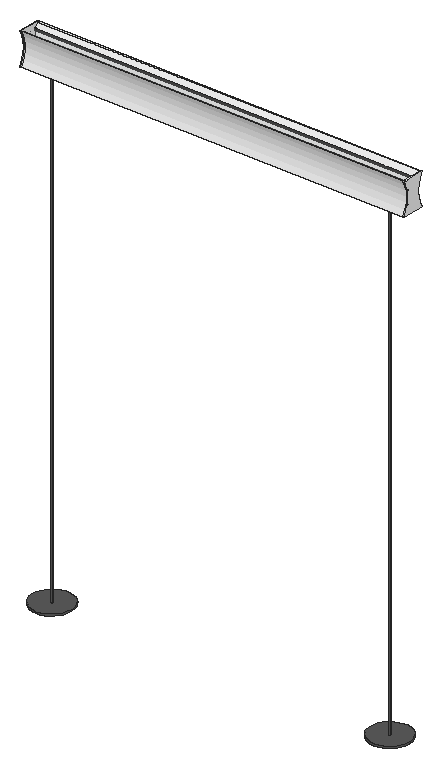
Revit family "x directt", category Lighting Fixtures, host Face, Revit 2019
Family settings
  Host = Face
  Round Connector Dimension = Use Diameter
  Part Type = Normal
  OmniClass Number = 23.80.70.11
  OmniClass Title = Luminaries for Internal Lighting
  Cut with Voids When Loaded = No
  Light Source = Yes
  Shared = No
  Room Calculation Point = No
Parameters (values of type "Not a type - Load Type Catalog!")
  z_Start = Run : Start Fixture
  z_Standalone = Run : Standalone Fixture
  z_Right Cord [instance] = 2 > 1  # yes
  z_Middle = Run : Middle Fixture
  z_Light Position [instance] = [z_Cord/Rod Length Control] + 0' 4"  # 5' - 4"
  z_Left Cord [instance] = or(Run Option = z_Standalone, Run Option = z_Start)  # yes
  z_End Mount Offset Control [instance] = if(or(Run Option = z_Start, Run Option = z_Standalone), 0' 0", if(End Mount Offset > Length / 2 - 0' 3", Length / 2 - 0' 3", End Mount Offset))  # 0' - 0"
  z_End = Run : End Fixture
  z_Cord/Rod Length Control [instance] = if(and(not(Field Specified Cable Length Override), Mounting Option = z_AC05), 5' 0", if(and(not(Field Specified Cable Length Override), or(Mounting Option = z_AC10, Mounting Option = z_AL10)), 10' 0", if([Cord/Rod Length] < 0' 2", 0' 2", if([Cord/Rod Length] > [Max Cord/Rod Length], [Max Cord/Rod Length], [Cord/Rod Length]))))  # 5' - 0"
  z_Connector Position [instance] = if(z_Left Cord, 0' 3", Length - 0' 3" - z_End Mount Offset Control)  # 0' - 3"
  z_Array No 01 [instance] = if(or(Run Option = z_Standalone, Run Option = z_Start, and(Run Option = z_End, [Emergency Circuit - End Fixture])), 3, 2)  # 3
  z_AL10 = Aircraft Cable : with Loops 10' (AL10)
  z_AC10 = Aircraft Cable : with Canopy 10' (AC10)
  z_AC05 = Aircraft Cable : with Canopy 5' (AC05)
  Width = 0' - 2 179/256"  # constant formula
  Weight = 0.00 lbf
  Wattage Comments = "Efficacy up to 125 lm/W"
  Wattage = 21.7391 W
  Voltage Range = "120-277V"
  built-in parameter 1150110 = 1 (stored number, unit not read)
  Voltage = 120 V
  URL = "https://starteklightingamerica.com/x-beam/"
  Type Comments = "Linear Lighting Fixture"  # constant formula
  built-in parameter 1114217 = 1 (stored number, unit not read)
  Tilt Angle [instance] = 90.00°  # constant formula
  built-in parameter 1150109 = 1 (stored number, unit not read)
  built-in parameter 1150134 = (empty or 0)
  built-in parameter 1150113 = 1 (stored number, unit not read)
  Run Option [instance] = Run : Standalone Fixture
  Product data url = "https://www.bimobject.com/startek-lighting/product/x-beam-direct"
  Product Material [instance] = StarTek Lighting - Aluminum - Clear Anodized
  Product Guid = "5de31e25-22b3-4453-9b70-2276e28f091a"
  Power Factor = 0.93
  Photometric Web File = "Generic Light Source Shown : Please download and link the IES file that best matches your fixture specification"
  Photometric Note = "Import IES files https://starteklightingamerica.com/"  # constant formula
  Phase = 1
  Number of Poles = 3
  Mounting Option [instance] = Aircraft Cable : with Canopy 5' (AC05)
  Mount Finish Note [instance] = "Aircraft Cable mount can be ordered in white (ACW, ALW) or black (ACB, ALB)"  # constant formula
  Mount Finish [instance] = StarTek Lighting - Aluminum - Powder Coat Black
  Model = ""
  Min Cord/Rod Length [instance] = 0' - 1"  # constant formula
  Max Cord/Rod Length [instance] = if(Mounting Option = z_AC05, 5' 0", 10' 0")  # 5' - 0"
  Manufacturer = "StarTek Lighting"  # constant formula
  built-in parameter 1150105 = 238.73 (stored number, unit not read)
  Lumens = 3000 lm
  built-in parameter 1150115 = 1 (stored number, unit not read)
  built-in parameter 1150137 = (empty or 0)
  built-in parameter 1150139 = (empty or 0)
  Length = 4' - 0"
  built-in parameter 1150112 = 1 (stored number, unit not read)
  built-in parameter 1150114 = 1 (stored number, unit not read)
  Lamp = "LED"  # constant formula
  Keynote = "16500"  # constant formula
  Input Wattage = 0 W
  built-in parameter 1150132 = 2
  built-in parameter 1150102 = (empty or 0)
  built-in parameter 1150107 = 3000 (stored number, unit not read)
  built-in parameter 1150138 = (empty or 0)
  built-in parameter 1150106 = 2.3873 (stored number, unit not read)
  Height = 0' - 4"  # constant formula
  Frequency = 60 Hz
  Field Specified Cable Length Override [instance] = no
  End Mount Offset [instance] = 0' - 0"
  Emit from Rectangle Width [instance] = 0' - 2 93/256"  # constant formula
  Emit from Rectangle Length [instance] = Length - 0' 0 1/2"  # 3' - 11 1/2"
  Emit Shape Visible in Rendering = 2 < 1  # no
  Emergency Circuit - End Fixture [instance] = no
  Edition number = 1
  Distribution = ""
  Description = "X-Beam Direct"  # constant formula
  built-in parameter 1150104 = 12.821 (stored number, unit not read)
  Dimming Lamp Color Temperature Shift = <None>
  Default Elevation = 4' - 0"
  Cord/Rod Length [instance] = 5' - 0"
  Color Filter = 16777215
  Color [instance] = "Available options: Clear Anodize (CA), Powder Coat White (PW), Powder Coat Black (PB) Powder Coat Other (PO)"  # constant formula
  CRI = "80"
  built-in parameter 1114218 = 1 (stored number, unit not read)
  built-in parameter 1150133 = 10 (stored number, unit not read)
  Assembly Code = "D5020200"
  Apparent Load = Input Wattage / (Number of Poles * Power Factor)  # 0 VA
Reference planes (in)
  plane 1 "Center (Front/Back)": y = 0
  plane 2: z = 0
  plane 3 "Center (Left/Right)": x = 0
  plane 4 "None": z = 60
  plane 5: x = -21.21875
  plane 6 "Light source": z = 64
  plane 7 "Light Vertical": z = 60.49067
  plane 8 "Light Horizontal": y = 5.00837
  plane 9: z = 0.5
  plane 10: x = 21.21875
  plane 11: x = -21.75022
  plane 12: x = -20.68728
  plane 13: x = 20.68728
  plane 14: x = 21.75022
  plane 15: x = -22.2817
  plane 16: x = -20.1558
  plane 17: x = 20.1558
  plane 18: x = 22.2817
  plane 19: y = 0
  plane 20: x = -24
  plane 21: x = 24
  plane 22: x = 21.21875
  plane 23: x = -21
Forms (in)
  Extrusion 1, solid, not visible
    sketch origin (0, 1.1511, -0.03147) x (1, 0, 0) y (0, 0, 1)
      loop
        line (-21.25022, 0.03147) -> (-21.25022, -0.03147) -> (-21.18728, -0.03147) -> (-21.18728, 0.03147) -> (-21.25022, 0.03147)
    from 1.1394 to 1.16281
Dimensions and locks (in)
  Extrusion 1 sketch curve to level to Extrusion 1 sketch curve = 0' - 0", 0' - 0.06295"
  "z_Light Position": plane 6 "Light source" to host face
  locked: plane 8 "Light Horizontal" to plane 1 "Center (Front/Back)" at 5.00837
  plane 11 to plane 5 to plane 12 = 0' - 0.53147" locked, 0' - 0.53147" locked
  plane 13 to plane 10 to plane 14 = 0' - 0.53147" locked, 0' - 0.53147" locked
  plane 15 to plane 5 to plane 16 = 0' - 1.06295" locked, 0' - 1.06295" locked
  plane 17 to plane 10 to plane 18 = 0' - 1.06295" locked, 0' - 1.06295" locked
  locked: plane 7 "Light Vertical" to plane 4 "None" at 0.49067
  plane 1 "Center (Front/Back)" to plane 19 = 0' - 0"
  equal spacing: Extrusion 1, plane 19, Extrusion 1
  locked: Extrusion 1 to Extrusion 1 at 0.0234
  "z_Cord/Rod Length Control": plane 4 "None" to level
  Extrusion 1 to plane 19 to Extrusion 1 = 0' - 0 3/256" locked, 0' - 0 3/256" locked
  locked: plane 9 to level at 0.5
  equal spacing: plane 21, plane 3 "Center (Left/Right)", plane 20
  "Length": plane 21 to plane 20
  locked: plane 5 to plane 20 at 2.78125
  locked: plane 10 to plane 21 at 2.78125
  "z_End Mount Offset Control": plane 22 to plane 10
  locked: nested 4 to plane 20 at 6
  "z_Connector Position": plane 20 to plane 23
  equal spacing: group 1, group 2, group 3  (x3)
  aligned and locked: plane 2 to host face
  aligned and locked: level to host face
  aligned and locked: imposter light to plane 6 "Light source"
  aligned and locked: plane 3 "Center (Left/Right)" to nested 3
  aligned and locked: plane 5 to nested 2
  aligned and locked: plane 22 to nested 1
  aligned and locked: plane 1 "Center (Front/Back)" to nested 4
  aligned and locked: plane 23 to nested 6
  aligned and locked: plane 1 "Center (Front/Back)" to nested 6
Automatic sketch dimensions
  host sketch curve to host sketch curve = 8' - 0"  (x2)
  Extrusion 1 sketch curve to plane 5 = 0' - 0.03147"
  plane 5 to Extrusion 1 sketch curve = 0' - 0.03147"
Nested families (in)
  nested 1: "Aircraft Cable" at (21.21875, 0, 0), visible <- "z_Right Cord", Cord length <- "z_Cord/Rod Length Control", type <- "Mounting Option", type "with Canopy 5' (AC05)"
    with Cord length control 5' - 0", Cord length 5' - 0"
  nested 2: "Aircraft Cable" at (-21.21875, 0, 0), visible <- "z_Left Cord", Cord length <- "z_Cord/Rod Length Control", type <- "Mounting Option", type "with Canopy 5' (AC05)"
    with Cord length control 5' - 0", Cord length 5' - 0"
  nested 3: "Run" at (-0.3935, 0, 60.49067), type <- "Run Option", type "Standalone Fixture"
  nested 4: "Connection" at (-30, 0, 0), type "Connection"
  nested 5: "Connection" at (-25.5, 0, 0), type "Connection"
  nested 6: "Connection" at (-21, 0, 0), type "Connection"
Connectors (in)
  electrical at (-21, 0, 0), driven by "Number of Poles", driven by "Voltage", driven by "Apparent Load", driven by "Apparent Load", driven by "Apparent Load", driven by "Power Factor"
    settings: on nested 6, index 1, voltage 120 V, apparent load 0 VA, apparent load phase1 0 VA, apparent load phase2 0 VA, apparent load phase3 0 VA, power factor 0.93, load classification "Other", number of poles 3, system type 31, power factor state 1, is connector primary yes, connector utility no, sub classification motor no, connector description "Connector for Electrical Power"
Definition of nested family "Aircraft Cable"
  Parameters (values of type "with Loops 10' (AL10)")
    TM = no
    Height = 0' - 0"
    Default Elevation = 4' - 0"
    Cord material = none
    MAX cord length = 10' - 0"
    Cord length control [instance] = if(Cord length < 0' 0 1/2", 0' 0 1/2", Cord length)  # 3' - 0"
    Cord length [instance] = 3' - 0"
    Canopy = no
    ACAL = yes
  Types (4): name | MAX cord length | Canopy
    with Loops 10' (AL10) | 10' - 0" | no
    with Loops 5' (AL05) | 5' - 0" | no
    with Canopy 5' (AC05) | 5' - 0" | yes
    with Canopy 10' (AC10) | 10' - 0" | yes
  Reference planes (in)
    plane 1 "Center (Front/Back)": y = 0
    plane 2: z = 0
    plane 3 "Center (Left/Right)": x = 0
    plane 4 "canopy plane": z = 36
    plane 5: z = 35.5
    plane 6: z = 33.16358
  Forms (in)
    Extrusion 1, solid, material <- "Cord material", visible <- "ACAL", detail levels coarse
      sketch origin (0, 0, 0) x (1, 0, 0) y (0, 1, 0)
        loop
          circle (0, 0) r 0.09375
      from 0 to 36
    Extrusion 2, solid, material <- "Cord material", visible <- "Canopy"
      sketch origin (0, 0, 0.19141) x (-1, 0, 0) y (0, -1, 0)
        loop
          circle (0, 0) r 2.5
      from 0 to -0.19141
    Extrusion 3, solid, material <- "Cord material", visible <- "Canopy", not visible
      sketch origin (0, 0, 36) x (-1, 0, 0) y (0, -1, 0)
        loop
          circle (0, 0) r 2.5
      from 0 to -0.19141
    Extrusion 4, solid, material <- "Cord material", visible <- "ACAL", detail levels medium+fine
      sketch origin (0, 0, 0) x (1, 0, 0) y (0, 1, 0)
        loop
          circle (0, 0) r 0.09375
      from 0 to 36
    Extrusion 5, solid, material <- "Cord material", visible <- "TM", detail levels medium+fine
      sketch origin (0, 0, 0) x (1, 0, 0) y (0, 1, 0)
        loop
          circle (0, 0) r 0.09375
      from 0 to 33.16358
  Dimensions and locks (in)
    "Cord length control": plane 4 "canopy plane" to plane 2
    locked: plane 4 "canopy plane" to plane 5 at 0.5
    locked: plane 5 to plane 6 at 2.33642
    aligned and locked: plane 2 to level
    aligned and locked: plane 4 "canopy plane" to Extrusion 1
    aligned and locked: Extrusion 2 to plane 2
    aligned and locked: Extrusion 4 to level
    aligned and locked: Extrusion 5 to plane 6
    aligned and locked: Extrusion 4 to Extrusion 1
  Automatic sketch dimensions
    plane 1 "Center (Front/Back)" to Extrusion 1 sketch curve = 0' - 0"
    Extrusion 1 sketch curve to plane 3 "Center (Left/Right)" = 0' - 0"
    plane 1 "Center (Front/Back)" to Extrusion 4 sketch curve = 0' - 0"
    Extrusion 4 sketch curve to plane 3 "Center (Left/Right)" = 0' - 0"
    plane 1 "Center (Front/Back)" to Extrusion 5 sketch curve = 0' - 0"
    Extrusion 5 sketch curve to plane 3 "Center (Left/Right)" = 0' - 0"
    radius of Extrusion 2 sketch curve = 0' - 2 1/2"
    radius of Extrusion 3 sketch curve = 0' - 2 1/2"
    radius of Extrusion 1 sketch curve = 0' - 0 3/32"
    radius of Extrusion 4 sketch curve = 0' - 0 3/32"
    radius of Extrusion 5 sketch curve = 0' - 0 3/32"
Definition of nested family "Run"
  Parameters (values of type "Start Fixture")
    Width = 0' - 2 179/256"  # constant formula
    Right Cap = no
    Length = 4' - 0"
    Left Cap = yes
    Lamp Finish = none
    Height = 0' - 4"  # constant formula
    Default Elevation = 4' - 0"
  Types (4): name | Right Cap | Left Cap
    End Fixture | yes | no
    Middle Fixture | no | no
    Start Fixture | no | yes
    Standalone Fixture | yes | yes
  Reference planes (in)
    plane 1 "Center (Front/Back)": y = 0
    plane 2: z = 0
    plane 3 "Center (Left/Right)": x = 0.3935
    plane 4: z = -0.49163
    plane 5: x = -23.7415
    plane 6: x = 24.5285
    plane 7: y = 1.34961
    plane 8: y = -1.34961
    plane 9: y = 0.765
    plane 10: y = -0.765
    plane 11: z = -0.41967
    plane 12: z = -0.31671
    plane 13: z = -0.25371
    plane 14: z = 0.09039
    plane 15: z = 0.18379
    plane 16: x = -21.488
    plane 17: x = -20.4373
    plane 18: x = 22.275
    plane 19: x = 21.2243
    plane 20: x = 21.3177
    plane 21: x = -20.5307
    plane 22: x = -23.6065
    plane 23: x = 24.3935
    plane 24: z = 3.50837
  Forms (in)
    Extrusion 1, solid
      sketch origin (0, 0, 0) x (1, 0, 0) y (0, 1, 0)
        loop
          line (-48, 48) -> (-48, -48) -> (48, -48) -> (48, 48) -> (-48, 48)
      from 0 to -12
    Sweep 2, solid, material <- "Lamp Finish"
      path origin (0, 0, 0) x (1, 0, 0) y (0, 1, 0)
        loop
          line (24.3935, 0) -> (-23.6065, 0)
      profile origin (0.3935, 0, 0) x (0, -1, 0) y (0, 0, 1)
        loop
          line (1.34961, 3.50837) -> (1.18246, 3.50837) -> (0.66805, 2.99396) -> (0.66805, 2.9566) -> (0.79386, 2.9566) -> (0.79386, 2.86289) -> (0.66805, 2.86289) -> (0.66805, 2.79974) -> (0.90534, 2.79974)
          arc (0.90534, 2.79974) -> (0.74882, 2.16045) -> (0.70013, 1.50408) r 3.96762
          line (0.70013, 1.50408) -> (0.29645, 1.50408) -> (0.29645, 1.39527) -> (0.7026, 1.39527)
          arc (0.7026, 1.39527) -> (0.79713, 0.68093) -> (0.99999, -0.0105) r 4.68912
          line (0.99999, -0.0105) -> (0.765, -0.0105) -> (0.765, -0.06515) -> (0.91899, -0.06515) -> (0.91899, -0.16241) -> (0.765, -0.16241) -> (0.765, -0.21922) -> (0.91899, -0.21922) -> (0.91899, -0.31263) -> (0.765, -0.31263) -> (0.765, -0.37878) -> (0.97609, -0.37878) -> (1.24195, -0.49163) -> (1.34961, -0.49163)
          arc (1.34961, -0.49163) -> (0.80283, 1.50837) -> (1.34961, 3.50837) r 3.93117
        loop
          arc (-1.34961, 3.50837) -> (-0.80283, 1.50837) -> (-1.34961, -0.49163) r 3.93117
          line (-1.34961, -0.49163) -> (-1.24195, -0.49163) -> (-0.97609, -0.37878) -> (-0.765, -0.37878) -> (-0.765, -0.31263) -> (-0.91899, -0.31263) -> (-0.91899, -0.21922) -> (-0.765, -0.21922) -> (-0.765, -0.16241) -> (-0.91899, -0.16241) -> (-0.91899, -0.06515) -> (-0.765, -0.06515) -> (-0.765, -0.0105) -> (-0.99999, -0.0105)
          arc (-0.99999, -0.0105) -> (-0.79713, 0.68093) -> (-0.7026, 1.39527) r 4.68912
          line (-0.7026, 1.39527) -> (-0.29645, 1.39527) -> (-0.29645, 1.50408) -> (-0.70013, 1.50408)
          arc (-0.70013, 1.50408) -> (-0.74882, 2.16045) -> (-0.90534, 2.79974) r 3.96762
          line (-0.90534, 2.79974) -> (-0.66805, 2.79974) -> (-0.66805, 2.86289) -> (-0.79386, 2.86289) -> (-0.79386, 2.9566) -> (-0.66805, 2.9566) -> (-0.66805, 2.99396) -> (-1.18246, 3.50837) -> (-1.34961, 3.50837)
    Sweep 3, solid
      path origin (0, 0, 0) x (1, 0, 0) y (0, 1, 0)
        loop
          line (24.3935, 0) -> (-23.6065, 0)
      profile origin (0.3935, 0, 0) x (0, -1, 0) y (0, 0, 1)
        loop
          line (0.89398, -0.10268) -> (-0.89398, -0.10268) -> (-0.89398, -0.15143) -> (0.89398, -0.15143) -> (0.89398, -0.10268)
        loop
          line (0.765, 2.87456) -> (0.765, 2.9424) -> (-0.765, 2.9424) -> (-0.765, 2.87456) -> (0.765, 2.87456)
    Extrusion 4, solid, material <- "Lamp Finish", visible <- "Right Cap"
      sketch origin (0.3935, 0, 0) x (0, 1, 0) y (0, 0, 1)
        loop
          arc (1.34904, -0.49067) -> (0.80283, 1.50893) -> (1.34961, 3.50837) r 3.93117
          line (1.34961, 3.50837) -> (-1.34961, 3.50837)
          arc (-1.34961, 3.50837) -> (-0.80283, 1.50893) -> (-1.34904, -0.49067) r 3.93117
          line (-1.34904, -0.49067) -> (1.34904, -0.49067)
      from 24 to 24.135
    Extrusion 5, solid, material <- "Lamp Finish", visible <- "Left Cap"
      sketch origin (0.3935, 0, 0) x (0, 1, 0) y (0, 0, 1)
        loop
          arc (1.34904, -0.49067) -> (0.80283, 1.50893) -> (1.34961, 3.50837) r 3.93117
          line (1.34961, 3.50837) -> (-1.34961, 3.50837)
          arc (-1.34961, 3.50837) -> (-0.80283, 1.50893) -> (-1.34904, -0.49067) r 3.93117
          line (-1.34904, -0.49067) -> (1.34904, -0.49067)
      from -24.135 to -24
  Lines and regions (in)
    Masking region 1
      outline origin (0, 0, 0) x (1, 0, 0) y (0, 0, 1)
        loop
          line (-23.7415, 3.50837) -> (-23.7415, -0.49163) -> (24.5285, -0.49163) -> (24.5285, 3.50837) -> (-23.7415, 3.50837)
    Masking region 2
      outline origin (0, 0, 0) x (1, 0, 0) y (0, 1, 0)
        loop
          line (-23.6065, 1.34961) -> (-23.6065, -1.34961) -> (24.3935, -1.34961) -> (24.3935, 1.34961) -> (-23.6065, 1.34961)
    Masking region 3, visible <- "Left Cap"
      outline origin (0, 0, 0) x (1, 0, 0) y (0, 1, 0)
        loop
          line (-23.7415, 1.34961) -> (-23.7415, -1.34961) -> (-23.6065, -1.34961) -> (-23.6065, 1.34961) -> (-23.7415, 1.34961)
    Masking region 4, detail levels medium+fine
      outline origin (0, 0, 0) x (1, 0, 0) y (0, 1, 0)
        loop
          line (-23.6065, 1.10152) -> (-23.6065, -1.10152) -> (24.3935, -1.10152) -> (24.3935, 1.10152) -> (-23.6065, 1.10152)
    Masking region 5, visible <- "Right Cap"
      outline origin (0, 0, 0) x (1, 0, 0) y (0, 1, 0)
        loop
          line (24.3935, 1.34961) -> (24.3935, -1.34961) -> (24.5285, -1.34961) -> (24.5285, 1.34961) -> (24.3935, 1.34961)
  Dimensions and locks (in)
    equal spacing: plane 5, plane 3 "Center (Left/Right)", plane 6
    locked: plane 5 to Sweep 2 sketch curve at 0.135
    locked: Sweep 2 sketch curve to plane 6 at 0.135
    locked: Sweep 3 sketch curve to plane 5 at 0.135
    locked: plane 6 to Sweep 3 sketch curve at 0.135
    plane 17 to plane 21 to plane 16 to plane 5 = 0' - 0.0934" locked, 0' - 0.9573" locked, 0' - 2.2535" locked
    plane 19 to plane 20 to plane 18 to plane 6 = 0' - 0.0934" locked, 0' - 0.9573" locked, 0' - 2.2535" locked
    locked: plane 5 to plane 22 at 0.135
    locked: plane 23 to plane 6 at 0.135
    "Length": plane 22 to plane 23
    equal spacing: plane 7, plane 1 "Center (Front/Back)", plane 8
    "Width": plane 7 to plane 8
    plane 11 to plane 12 to plane 13 to plane 2 to plane 14 to plane 15 = 0' - 0.10296" locked, 0' - 0.063" locked, 0' - 0.25371" locked, 0' - 0.09039" locked, 0' - 0.0934" locked
    "Height": plane 4 to plane 24
    locked: plane 4 to plane 11 at 0.07196
    aligned and locked: plane 2 to Extrusion 1
    aligned and locked: level to Extrusion 1
    aligned and locked: Sweep 2 sketch curve to plane 1 "Center (Front/Back)"
    aligned and locked: Sweep 3 sketch curve to plane 1 "Center (Front/Back)"
    aligned and locked: Masking region 1 sketch curve to plane 6
    aligned and locked: plane 24 to Masking region 1 sketch curve
    aligned and locked: plane 5 to Masking region 1 sketch curve
    aligned and locked: Masking region 1 sketch curve to plane 4
    aligned and locked: Masking region 2 sketch curve to plane 7
    aligned and locked: plane 8 to Masking region 2 sketch curve
    aligned and locked: Masking region 3 sketch curve to plane 7
    aligned and locked: plane 8 to Masking region 3 sketch curve
    aligned and locked: plane 5 to Masking region 3 sketch curve
    aligned and locked: plane 23 to Extrusion 4
    aligned and locked: plane 6 to Extrusion 4
    aligned and locked: Extrusion 5 to plane 22
    aligned and locked: Extrusion 5 to plane 5
    aligned and locked: Masking region 3 to plane 22
    aligned and locked: plane 22 to Masking region 4
    aligned and locked: Masking region 4 to plane 23
    aligned and locked: Masking region 5 sketch curve to plane 6
    aligned and locked: Masking region 5 sketch curve to plane 23
    aligned and locked: plane 22 to Masking region 3 sketch curve
    aligned and locked: Masking region 2 sketch curve to plane 22
    aligned and locked: plane 23 to Masking region 2 sketch curve
  Automatic sketch dimensions
    Extrusion 1 sketch curve to Extrusion 1 sketch curve = 8' - 0"  (x2)
    level to Sweep 2 sketch curve = 0' - 1.65144"
    profile plane to Sweep 2 sketch curve = 0' - 5.38472"
    Sweep 2 sketch curve to Sweep 2 sketch curve = 0' - 0.65072"  (x2)
    Sweep 2 sketch curve to Sweep 2 sketch curve = 0' - 0 17/256"  (x2)
    Sweep 2 sketch curve to level = 0' - 0.49163"
    profile plane to Sweep 2 sketch curve = 0' - 1.34961"  (x2)
    Sweep 2 sketch curve to Sweep 2 sketch curve = 0' - 0.10766"  (x2)
    Sweep 2 sketch curve to Sweep 2 sketch curve = 0' - 0.16715"  (x2)
    Sweep 2 sketch curve to level = 0' - 0.0105"  (x2)
    Sweep 2 sketch curve to Sweep 2 sketch curve = 0' - 0.24195"
    Sweep 2 sketch curve to Sweep 2 sketch curve = 0' - 0.26585"  (x2)
    Sweep 2 sketch curve to Sweep 2 sketch curve = 0' - 0.081"  (x2)
    Sweep 2 sketch curve to Sweep 2 sketch curve = 0' - 0"  (x8)
    Sweep 2 sketch curve to Sweep 2 sketch curve = 0' - 0.27712"
    Sweep 2 sketch curve to Sweep 2 sketch curve = 0' - 0.11148"  (x2)
    Sweep 2 sketch curve to level = 0' - 0.06515"
    Sweep 2 sketch curve to Sweep 2 sketch curve = 0' - 0.15399"  (x3)
    profile plane to Sweep 2 sketch curve = 0' - 0.7026"
    Sweep 2 sketch curve to Sweep 2 sketch curve = 0' - 0.00247"  (x2)
    Sweep 2 sketch curve to Sweep 2 sketch curve = 0' - 0.12581"  (x2)
    profile plane to Sweep 2 sketch curve = 0' - 0.29645"
    Sweep 2 sketch curve to profile plane = 0' - 0.29645"
    Sweep 2 sketch curve to profile plane = 0' - 0.66805"
    Sweep 2 sketch curve to Sweep 2 sketch curve = 0' - 0.40368"
    Sweep 2 sketch curve to level = 0' - 0.37878"
    Sweep 2 sketch curve to profile plane = 0' - 0.765"
    Sweep 2 sketch curve to Sweep 2 sketch curve = 0' - 0.0571"
    Sweep 2 sketch curve to Sweep 2 sketch curve = 0' - 0.3886"
    level to Sweep 2 sketch curve = 0' - 1.53978"
    Sweep 2 sketch curve to Sweep 2 sketch curve = 0' - 3.31798"
    Sweep 2 sketch curve to Sweep 2 sketch curve = 0' - 0.11285"  (x2)
    Sweep 2 sketch curve to Sweep 2 sketch curve = 0' - 0.06615"  (x2)
    Sweep 2 sketch curve to Sweep 2 sketch curve = 0' - 0.09341"  (x2)
    Sweep 2 sketch curve to Sweep 2 sketch curve = 0' - 0.05682"  (x2)
    Sweep 2 sketch curve to Sweep 2 sketch curve = 0' - 0.05465"
    Sweep 2 sketch curve to Sweep 2 sketch curve = 0' - 0.10881"  (x2)
    Sweep 2 sketch curve to Sweep 2 sketch curve = 0' - 0.0314"  (x2)
    Sweep 2 sketch curve to Sweep 2 sketch curve = 0' - 0.14307"
    Sweep 2 sketch curve to Sweep 2 sketch curve = 0' - 0.06315"  (x2)
    Sweep 2 sketch curve to Sweep 2 sketch curve = 0' - 0.09371"  (x2)
    Sweep 2 sketch curve to Sweep 2 sketch curve = 0' - 0.03736"  (x2)
    Sweep 3 sketch curve to level = 0' - 0.10268"
    profile plane to Sweep 3 sketch curve = 0' - 0.89398"
    profile plane to Sweep 3 sketch curve = 0' - 0.765"
    Sweep 3 sketch curve to profile plane = 0' - 0.765"
    Sweep 3 sketch curve to level = 0' - 0.15143"
    Sweep 3 sketch curve to profile plane = 0' - 0.89398"
    level to Sweep 3 sketch curve = 0' - 2.87456"
    Sweep 3 sketch curve to Sweep 3 sketch curve = 0' - 0.06784"
    Masking region 4 sketch curve to plane 22 = 0' - 0"
    Masking region 4 sketch curve to plane 23 = 0' - 0"
    plane 8 to Masking region 4 sketch curve = 0' - 0.24809"
    Masking region 4 sketch curve to plane 7 = 0' - 0.24809"
    Extrusion 4 sketch curve to plane 8 = 0' - 0"
    Extrusion 4 sketch curve to plane 7 = 0' - 0"
    Extrusion 4 sketch curve to plane 24 = 0' - 0"
    Extrusion 4 sketch curve to plane 8 = 0' - 3.38439"
    plane 8 to Extrusion 4 sketch curve = 0' - 0.00056"
    Extrusion 4 sketch curve to plane 7 = 0' - 0.00056"
    plane 7 to Extrusion 4 sketch curve = 0' - 3.38439"
    level to Extrusion 4 sketch curve = 0' - 1.50837"
    Extrusion 5 sketch curve to plane 8 = 0' - 0"
    Extrusion 5 sketch curve to plane 7 = 0' - 0"
    Extrusion 5 sketch curve to plane 24 = 0' - 0"
    Extrusion 5 sketch curve to plane 8 = 0' - 3.38439"
    plane 8 to Extrusion 5 sketch curve = 0' - 0.00056"
    Extrusion 5 sketch curve to plane 7 = 0' - 0.00056"
    plane 7 to Extrusion 5 sketch curve = 0' - 3.38439"
    level to Extrusion 5 sketch curve = 0' - 1.50837"
    Masking region 5 sketch curve to plane 7 = 0' - 0"
    Masking region 5 sketch curve to plane 8 = 0' - 0"
Definition of nested family "Connection"
  Parameters (values of type "Connection")
    Default Elevation = 4' - 0"
  Reference planes (in)
    plane 1 "Center (Front/Back)": y = 0
    plane 2: z = 0
    plane 3 "Center (Left/Right)": x = 0
  Forms (in)
    Extrusion 1, solid
      sketch origin (0, 0, 0) x (1, 0, 0) y (0, 1, 0)
        loop
          line (-48, 48) -> (-48, -48) -> (48, -48) -> (48, 48) -> (-48, 48)
      from 0 to -12
    Extrusion 2, solid, not visible
      sketch origin (0, 0, 0) x (1, 0, 0) y (0, 1, 0)
        loop
          circle (0, 0) r 0.7874
      from 0 to -0.45531
  Dimensions and locks (in)
    aligned and locked: plane 2 to Extrusion 1
    aligned and locked: level to Extrusion 1
